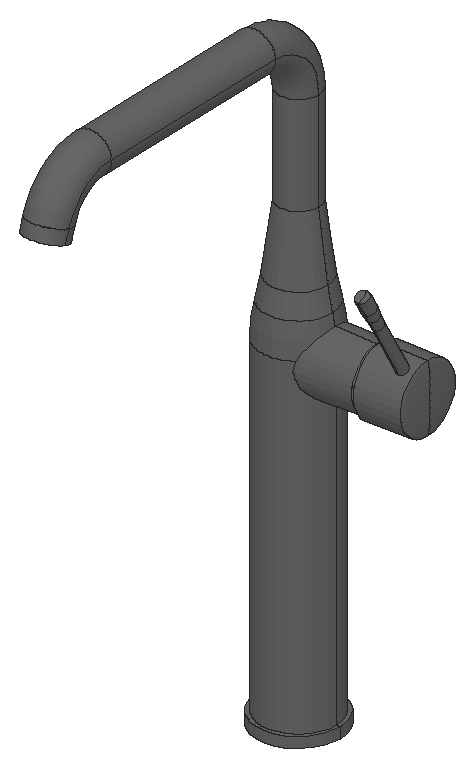
Revit family "Grohe_BasinMixer_Essence_24170KF1", category Plumbing Fixtures, host Face, Revit 2020
Family settings
  Host = Face
  Round Connector Dimension = Use Diameter
  Part Type = Normal
  OmniClass Number = 23.45.05.00
  OmniClass Title = Sanitary Equipment
  Cut with Voids When Loaded = No
  Shared = No
  Room Calculation Point = No
Parameters (values of type "ESSENCE Basin Mixer (24170KF1)")
  _ObjectUserGuide = "https://www.bimstore.co/products/grohe-24170KF1/document/object-user-guide"
  _DistributedBy = "https://www.bimstore.co/"
  _CurrentRevision = 1
  _CreatedBy = "https://www.bimstore.co/"
  _BimSpecGuid = 0
  _BSBibleVersion = 17
  _AuthorizedBy = "bimstore"
  _Author = "AM 147"
  Waste Connection = no
  WarrantyStartDate [instance] = "Please Record On Commissioning."
  WarrantyGuarantorParts = "info-uk@grohe.com"
  WarrantyGuarantorLabor = "info-uk@grohe.com"
  WarrantyDurationUnit = "Years"
  WarrantyDurationParts = "0"
  WarrantyDurationLabor = "0"
  WarrantyDescription = "n/a"
  Vent Connection = no
  URL = "https://www.grohe.co.uk/"
  TypeName = "ESSENCE Basin Mixer"
  Type Comments = "ESSENCE Basin Mixer"
  TPIDocumentLink = "https://cdn.cloud.grohe.com/tpi/2000/2100/2180/2186/2186323/original/2186323.pdf"
  SustainabilityReport = "green.grohe.com/reporting"
  SustainabilityAward = "green.grohe.com/awards"
  SpareParts = "info-uk@grohe.com"
  Size = "n/a"
  Shape = "n/a"
  SerialNumber [instance] = "Please Record On Commissioning."
  ReplacementCost = "n/a"
  ReferencedStandard = "n/a"
  ProductionYear = "2023"
  ProductType = "Single Lever Mixer"
  ProductShortText = "Essence Basin mixer 1/2\" XL-Size"
  ProductPageURL = "https://www.grohe.co.uk/en_gb/-24170KF1.html"
  ProductNumber = "24170KF1"
  ProductDescription = "single hole installation\r\n\r\nmetal lever\r\n\r\nGROHE SilkMove 28 mm ceramic cartridge\r\n\r\nwith temperature limiter\r\n\r\nGROHE Long-Life Shine finish\r\n\r\nGROHE Water Saving mousseur 5.7 l/min\r\n\r\nGROHE AquaGuide adjustable mousseur\r\n\r\nGROHE FastFixation Plus installation system\r\n\r\nswivel spout with mousseur and stop limiter\r\n\r\nsmooth body\r\n\r\nflexible connection hoses\r\n\r\nmin. recommended pressure 1.0 bar"
  PrimaryMaterial = Grohe_MattBlack
  PQDiagramLink = "https://cdn.cloud.grohe.com/PQCharts/lores/2/241/original/24170KF1-pqchart-en_GB.svg"
  NominalLength = 0.0 mm
  NominalHeight = 0.0 mm
  NominalDepth = 0.0 mm
  NBSReference = "45-35-70/345"
  NBSOfficeMasterTag = "n/a"
  NBSObjectName = "Grohe - Mixer taps"
  NBSNote = "n/a"
  NBSDescription = "Mixer taps"
  ModelReference = "ESSENCE Basin Mixer"
  ModelNumber = "24170KF1"
  Model = "ESSENCE Basin Mixer"
  Material = "n/a"
  ManufacturerName = "Grohe"
  Manufacturer = "Grohe"
  Keynote = "N13"
  InstallationDate [instance] = "Please Record On Commissioning."
  IfcExportType = "IfcPipeFittingType"
  IfcExportAs = "IfcPipeFitting"
  HW Connection = yes
  Grade = "n/a"
  GROHESustainability = "green.grohe.com"
  GROHESocialCommittment = "green.grohe.com/social_engagement"
  FullRecyclabilityOfPlastic = "All plastic components are fully recyclable"
  Finish = "n/a"
  Features = "n/a"
  ExpectedLife = 0
  Ecojoy = no
  EFSE0002 = "TRUE"
  EFDE0046 = "Group I, <=20 dB(A)"
  EF025109 = "Other"
  EF023688 = "Foam jet nozzle"
  EF023687 = "FALSE"
  EF023686 = "not applicable"
  EF022750 = "Pipe"
  EF022168 = "FALSE"
  EF022042 = "None"
  EF021835 = 0.0 mm
  EF021808 = "1-hole"
  EF020801 = "FALSE"
  EF020799 = "TRUE"
  EF020798 = "not relevant"
  EF020797 = 322.0 mm
  EF020796 = 364.0 mm
  EF020795 = "Fixed"
  EF020794 = "TRUE"
  EF020792 = "FALSE"
  EF020791 = "Brass"
  EF020789 = 179.0 mm
  EF020787 = "Group II, <=30 dB(A)"
  EF020785 = "3/8 inch"
  EF020781 = "Cartouche, ceramic"
  EF020780 = "Single-grip"
  EF020105 = no
  EF020075 = yes
  EF016731 = "Group I,<= 20 dB(A)"
  EF015280 = "FALSE"
  EF014591 = "FALSE"
  EF014578 = "not applicable"
  EF012753 = "6.5"
  EF011781 = "not applicable"
  EF011779 = "FALSE"
  EF011775 = "not applicable"
  EF007955 = "FALSE"
  EF002671 = "Black"
  EF002286 = "Hose (gland nut)"
  EF002149 = "TRUE"
  EF001707 = "70 °C"
  EF000139 = "Other"
  EF000003 = "Top/tap hole"
  DurationUnit = "Years"
  DocumentationTechnical = "https://www.bimstore.co/products/grohe-24170KF1/document/technical-data-sheet"
  DocumentationMaintenance = "https://www.bimstore.co/products/grohe-24170KF1/document/maintenance-information"
  DocumentationLiterature = "https://www.bimstore.co/products/grohe-24170KF1/document/product-literature"
  DocumentationInstallationGuide = "https://www.bimstore.co/products/grohe-24170KF1/document/installation-guide"
  DocumentationCertificates = "https://www.bimstore.co/products/grohe-24170KF1/document/product-certificates"
  DimensionsDocumentLink = "https://cdn.cloud.grohe.com/dimdraw/100000/100000/100000/100000/100020/100020/100020818/1280/100020818.jpg"
  Description = "ESSENCE Basin Mixer"
  Default Elevation = 0.0 mm
  CreatedOn = "2023-03-01T09:00:00"
  CreatedBy = "info-uk@grohe.com"
  CradleToCradleCertification = "n/a"
  Cost = 0
  Constituents = "n/a"
  Color = "Matt Black"
  CodePerformance = "n/a"
  ClassificationValue = "Pr_40_20_87_55"
  ClassificationName = "Uniclass2015"
  CW Connection = yes
  CO2NeutralProduction = "GROHE is one of the first leading manufacturer within the sanitary industry having a CO2-neutral production."
  BarCode [instance] = "Please Record On Commissioning."
  BIMObjectName = "Grohe_BasinMixer_Essence_24170KF1"
  AssetType = "Fixed"
  AssetIdentifier [instance] = "n/a"
  Assembly Code = "D2010"
  AccessibilityPerformance = "n/a"
Reference planes
  plane 1 "Center (Front/Back)": y = 0
  plane 2: z = 0
  plane 3 "Center (Left/Right)": x = 0
Forms (mm)
  Revolve 1, solid, material "Grohe_MattBlack" <- "PrimaryMaterial", detail levels medium+fine
    sketch origin (0, 0, 0) x (1, 0, 0) y (0, 0, 1)
      loop
        line (0, 0) -> (0, 264.474) -> (-11.5, 264.474)
        arc (-11.5, 264.474) -> (-13.197, 245.386) -> (-16.521, 226.514) r 223.666
        line (-16.521, 226.514) -> (-19.414, 213.404)
        arc (-19.414, 213.404) -> (-20.977, 203.896) -> (-21.5, 194.274) r 88.769
        line (-21.5, 194.274) -> (-21.5, 6) -> (-23.82, 6) -> (-23.82, 0) -> (0, 0)
      axis (0, 0) -> (0, 264.474)
    angle from 0 to 360
  Sweep 2, solid, material "Grohe_MattBlack" <- "PrimaryMaterial"
    path origin (0, 0, 0) x (0, 1, 0) y (0, 0, 1)
      loop
        line (0, 264.474) -> (0, 321.102)
        arc (0, 321.102) -> (-9.08, 343.023) -> (-31, 352.102) r 31
        line (-31, 352.102) -> (-146.426, 352.102)
        arc (-146.426, 352.102) -> (-164.761, 346.099) -> (-175.994, 330.416) r 31
        line (-175.994, 330.416) -> (-178.248, 323.262)
    profile origin (0, 0, 292.788) x (0, -1, 0) y (1, 0, 0)
      loop
        circle (0, 0) r 11.5
  Revolve 3, solid, material "Grohe_MattBlack" <- "PrimaryMaterial", detail levels medium+fine
    sketch origin (0, 0, 0) x (1, 0, 0) y (0, 0, 1)
      loop
        spline (74.293, 189.074) -> (74.281, 191.568) -> (74.245, 194.02) -> (74.185, 196.387) -> (74.103, 198.629) -> (74, 200.708) -> (73.878, 202.588) -> (73.739, 204.237) -> (73.585, 205.626) -> (73.419, 206.733) -> (73.244, 207.538) -> (73.062, 208.028) -> (72.877, 208.193)
        line (72.877, 208.193) -> (46.787, 208.48) -> (46.787, 205.557)
        arc (46.787, 205.557) -> (45.615, 206.214) -> (44.4, 206.787) r 19.279
        line (44.4, 206.787) -> (0, 207.451) -> (0, 189.074) -> (74.293, 189.074)
      axis (0, 189.074) -> (74.293, 189.074)
    angle from 0 to 360
  Revolve 4, solid, material "Grohe_MattBlack" <- "PrimaryMaterial", detail levels medium+fine
    sketch origin (66.287, -26.904, 1219.2) x (0, 1, 0) y (0, 0, 1)
      loop
        line (26.904, -1030.126) -> (29.502, -1028.626) -> (2.627, -982.077)
        arc (2.627, -982.077) -> (0.992, -979.06) -> (-0.478, -975.96) r 63.685
        arc (-0.478, -975.96) -> (-1.721, -973.339) -> (-3.103, -970.79) r 53.821
        line (-3.103, -970.79) -> (-7.56, -963.069) -> (-10.748, -964.91) -> (26.904, -1030.126)
      axis (26.904, -1030.126) -> (-10.748, -964.91)
    angle from 0 to 360
  Revolve 5, solid, material "Grohe_MattBlack" <- "PrimaryMaterial", detail levels coarse
    sketch origin (0, 0, 0) x (1, 0, 0) y (0, 0, 1)
      loop
        line (0, 0) -> (0, 264.474) -> (-11.5, 264.474) -> (-21.5, 194.274) -> (-21.5, 0) -> (0, 0)
      axis (0, 0) -> (0, 264.474)
    angle from 0 to 360
  Extrusion 6, solid, material "Grohe_MattBlack" <- "PrimaryMaterial", detail levels coarse
    sketch origin (66.287, -26.904, 1219.2) x (0, 1, 0) y (0, 0, 1)
      loop
        circle (26.904, -1030.126) r 19.406
    from -66.287 to 8.015
  Revolve 7, solid, material "Grohe_MattBlack" <- "PrimaryMaterial", detail levels coarse
    sketch origin (66.287, -4572, 203.99) x (0, 0, -1) y (0, -1, 0)
      loop
        line (-50.3, -4534.348) -> (-52.141, -4537.536) -> (13.075, -4575.189) -> (14.916, -4572) -> (-50.3, -4534.348)
      axis (-50.3, -4534.348) -> (14.916, -4572)
    angle from 0 to 360
  Extrusion 8, solid, not visible, detail levels coarse
    sketch origin (0, -82.454, 64.4) x (0, 1, 0) y (-1, 0, 0)
      loop
        circle (82.454, 11.91) r 7.5
      loop
        circle (82.454, -11.91) r 7.5
    from -58.4 to -64.4
Cuts and joins
  joined: Revolve 1, Revolve 3, Revolve 4
  joined: Revolve 5, Extrusion 6, Revolve 7
Dimensions and locks
  aligned and locked: plane 2 to host face
  aligned and locked: level to host face
  aligned and locked: Extrusion 8 to level
Connectors
  piping at (-11.91, 0, 0), diameter 15
    settings: on Extrusion 8, index 1, connector inside diameter 609.6 mm, connector length 0.0 mm, flow factor 0, pipe flow 0.0 L/s, pressure drop 0.0 Pa, fitting loss kfactor 0, connector angle 0.00°, fixture units 0, engagement length 0.0 mm, angle of deflection 0.00°, flow configuration 0, flow direction 1, fitting loss method 0, system type 19, joint type 0, gender type 0, connector reference index -1, connector utility 0, adjustable connector no, is connector primary yes, connector description ""
  piping at (11.91, 0, 0), diameter 15
    settings: on Extrusion 8, index 2, connector inside diameter 609.6 mm, connector length 0.0 mm, flow factor 0, pipe flow 0.0 L/s, pressure drop 0.0 Pa, fitting loss kfactor 0, connector angle 0.00°, fixture units 0, engagement length 0.0 mm, angle of deflection 0.00°, flow configuration 0, flow direction 1, fitting loss method 0, system type 20, joint type 0, gender type 0, connector reference index -1, connector utility 0, adjustable connector no, is connector primary no, connector description ""
